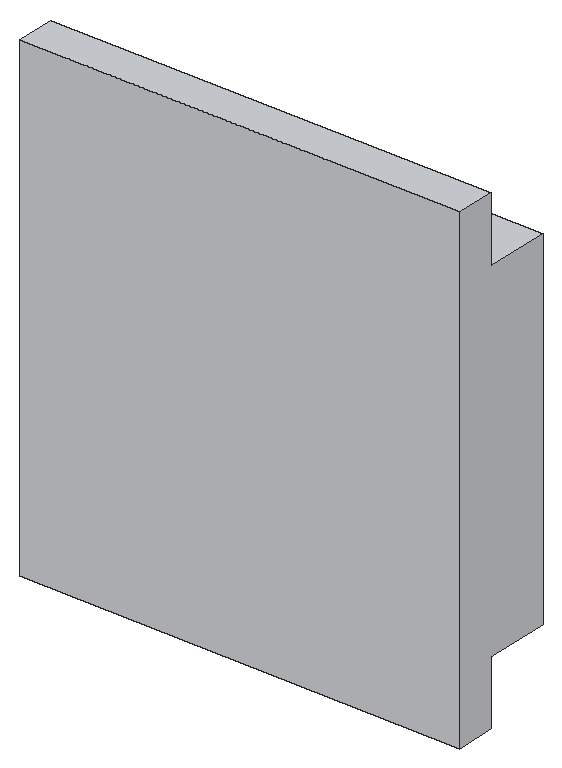
Revit family "Power-ModularDevices-GEWISS-90AM-SWITCH_DISCONNECTOR_DC", category Apparecchi elettrici, host Muro, Revit 2016
Family settings
  Host = Muro
  Mantenere orientamento annotazione = Sì
  Tipo di parte = Normale
  Quota connettore circolare = Usa diametro
  Numero OmniClass = 23.80.50.00
  Titolo OmniClass = Terminals for Power Supply
  Sempre verticale = Sì
  Taglio con vuoti quando caricato = No
  Condiviso = No
  Punto di calcolo locali = Sì
Parameters (values of type "GW96187 - SWITCH DISCONNECTOR ROT 4P 32A 1000V DC")
  sIMBOLO IN PIANTA = yes
  dIST X [instance] = 237.316 mm
  Version file RFA = "18.0"
  URL = "https://www.gewiss.com/ww/en"
  Type: = "Direct current"
  Type = "Direct current"
  Technical sheet = "https://www.gewiss.com/ww/en/search?q=GW96187"
  TIPO = GENERICO - 90AM SEZIONATORI DC : 4P
  SEO = "Disconnector"
  Realized by GEWISS S.p.A. = ""
  Rated voltage DC = "1000V"
  Rated voltage = "1000Vdc"
  Rated current: = "32A"
  Rated current (In) = "32A"
  Produttore = "GEWISS S.p.A."
  Number of poles = "4P"
  No. of poles = "4P"
  No. of modules EN 50022 = "3,5"
  No. Chorus modules = "3,5"
  Modello = "GW96187"
  Immagine tipo = GW96187.jpg
  IFC.TypeObject = ""
  IFC.ExportType = ""
  IFC.ExportAs = ""
  IDT = "6c44909a-48af-40ca-be23-f546f73f6b37"
  IDF = "2d91bf4f-f6dc-4237-b79b-5006d058144e"
  Electrocod = "1422"
  EAN code = "8011564775480"
  Descrizione = "SWITCH DISCONNECTOR ROT 4P 32A 1000V DC"
  Catalogue Range = "90 AM"
  Catalogue = "POWER"
  COBie.Tagnumber = ""
  COBie.CreatedOn = ""
  COBie.CreatebBy = ""
  COBie.ComponentRegisterItemID = ""
  COBie.Component.TagNumber = ""
  COBie.Component.Space = ""
  COBie.Component.SerialNumber = ""
  COBie.Component.InstallationDate = ""
  COBie.Component.Description = ""
  COBie.Component.BarCode = ""
Types (2, lengths in mm): name | Technical sheet | TIPO | Rated voltage DC | Rated voltage | Rated current: | Rated current (In) | Number of poles | No. of poles | Modello | Immagine tipo | IDT | EAN code | Descrizione
  GW96187 - SWITCH DISCONNECTOR ROT 4P 32A 1000V DC | "https://www.gewiss.com/ww/en/search?q=GW96187" | GENERICO - 90AM SEZIONATORI DC : 4P | "1000V" | "1000Vdc" | "32A" | "32A" | "4P" | "4P" | "GW96187" | GW96187.jpg | "6c44909a-48af-40ca-be23-f546f73f6b37" | "8011564775480" | "SWITCH DISCONNECTOR ROT 4P 32A 1000V DC"
  GW96186 - SWITCH DISCONNECTOR ROT 2P 25A 600V DC | "https://www.gewiss.com/ww/en/search?q=GW96186" | GENERICO - 90AM SEZIONATORI DC : 2P | "600V" | "600Vdc" | "25A" | "25A" | "2P" | "2P" | "GW96186" | GW96186.jpg | "4e382582-c695-4848-8119-078daf9109a0" | "8011564775473" | "SWITCH DISCONNECTOR ROT 2P 25A 600V DC"
Reference planes
  plane 1 "Muro": y = 0
  plane 2 "Centro (Sinistra/Destra)": x = 125
  plane 3 "Indietro": y = 75
Text (mm)
  text "Lato posizionamento" at (-1848.837, 1116.779, 0), in view "Livello rif."
  text "Lato posizionamento" at (0, 1409.804, 2854.306), in view "Sinistra"
  text "Lato posizionamento" at (0, 499.811, 2980.732), in view "Destra"
Dimensions and locks
  locked: plane 3 "Indietro" to host wall
  aligned and locked: plane 1 "Muro" to host wall
  aligned and locked: nested 1 to plane 2 "Centro (Sinistra/Destra)"
Nested families
  nested 1: "GENERICO - 90AM SEZIONATORI DC" at (125, 75, 400) x (-1, 0, 0) z (0, 1, 0), type <- "TIPO", type "4P"
  nested 2: "SALV DC" at (125, 146.214, 0), visible <- "sIMBOLO IN PIANTA", type "SALV DC"
Definition of nested family "GENERICO - 90AM SEZIONATORI DC"
  Parameters (values of type "2P")
    h_barra din = if(Altezza barre = 1 mm, 69.9 mm, if(Altezza barre = 2 mm, 115.8 mm, 0 mm))  # 0 mm
    Default Elevation = 1219.2 mm
    H = if(AB_O = 1, AB_V, if(AB_O = 2, AB_H, 50.8 mm))  # 50.8 mm
    Dist barra din = 15 mm
    C = 59 mm
    B = 20 mm
    Altezza barre = 5 mm  # constant formula
    AB_V = 3 mm  # constant formula
    AB_H = 5 mm  # constant formula
    AB_O = 0  # constant formula
    A = 54 mm
    4P = no
    2P = yes
  Types (2, lengths in mm): name | 4P | 2P
    2P | no | yes
    4P | yes | no
  Reference planes
    plane 1 "Centro (Fronte/Retro)": y = 0
    plane 2: z = 0
    plane 3 "Centro (Sinistra/Destra)": x = 0
    plane 4 "INCASSO": z = 4.766
    plane 5 "APPOGGIO": z = 12.732
    plane 6 "SUPPORTO": z = 17.65
    plane 7: z = 20
  Forms (mm)
    Extrusion 1, solid
      sketch origin (0, 32.932, 0) x (0, 0, 1) y (1, 0, 0)
        loop
          line (0, -27) -> (12.732, -27) -> (12.732, 27) -> (0, 27) -> (0, -27)
      from -51 to -8
    Extrusion 2, solid
      sketch origin (0, -26.068, 0) x (1, 0, 0) y (0, 1, 0)
        loop
          line (-27, 51) -> (27, 51) -> (27, 59) -> (-27, 59) -> (-27, 51)
        loop
          line (-27, 8) -> (-27, 0) -> (27, 0) -> (27, 8) -> (-27, 8)
      from 0 to 4.766
    Extrusion 3, solid
      sketch origin (0, -26.068, 0) x (1, 0, 0) y (0, 1, 0)
        loop
          circle (0, 29.5) r 15
      from 12.732 to 17.65
    Extrusion 4, solid
      sketch origin (0, -26.068, 0) x (1, 0, 0) y (0, 1, 0)
        loop
          line (-5.106, 40.811) -> (-5.106, 9.937) -> (-4.106, 8.937) -> (3.121, 8.937) -> (4.121, 9.937) -> (4.121, 40.811) -> (3.121, 41.811) -> (-4.106, 41.811) -> (-5.106, 40.811)
      from 17.65 to 20
  Cuts and joins
    joined: Extrusion 1, Extrusion 2, Extrusion 3, Extrusion 4
  Lines and regions (mm)
    model lines, not visible, detail levels medium+fine
      curve 1: line (105.496, 35.582, 12.732) -> (51.496, 35.582, 12.732)
      curve 87: line (78.463, 74.627, 12.732) -> (78.208, 74.732, 12.732)
      curve 88: line (78.208, 74.732, 12.732) -> (77.926, 75.04, 12.732)
      curve 89: line (77.926, 75.04, 12.732) -> (77.798, 75.54, 12.732)
      curve 90: line (77.798, 75.54, 12.732) -> (77.798, 76.014, 12.732)
      curve 91: line (77.798, 76.014, 12.732) -> (77.823, 76.475, 12.732)
      curve 92: line (77.823, 76.475, 12.732) -> (77.926, 76.834, 12.732)
      curve 93: line (77.926, 76.834, 12.732) -> (78.182, 77.078, 12.732)
      curve 94: line (78.182, 77.078, 12.732) -> (78.426, 77.182, 12.732)
      curve 95: line (78.426, 77.182, 12.732) -> (78.657, 77.182, 12.732)
      curve 96: line (78.657, 77.182, 12.732) -> (78.9, 77.078, 12.732)
      curve 97: line (78.9, 77.078, 12.732) -> (79.157, 76.834, 12.732)
      curve 98: line (79.157, 76.834, 12.732) -> (79.259, 76.475, 12.732)
      curve 99: line (79.259, 76.475, 12.732) -> (79.285, 76.014, 12.732)
      curve 100: line (79.285, 76.014, 12.732) -> (79.285, 75.54, 12.732)
      curve 101: line (79.285, 75.54, 12.732) -> (79.157, 75.04, 12.732)
      curve 102: line (79.157, 75.04, 12.732) -> (78.875, 74.732, 12.732)
      curve 103: line (78.875, 74.732, 12.732) -> (78.62, 74.627, 12.732)
      curve 104: line (96.077, 58.76, 12.732) -> (96.347, 58.978, 12.732)
      curve 105: line (96.347, 58.978, 12.732) -> (96.552, 59.249, 12.732)
      curve 106: line (96.552, 59.249, 12.732) -> (96.552, 56.694, 12.732)
      curve 107: line (59.941, 58.608, 12.732) -> (60.052, 58.89, 12.732)
      curve 108: line (60.052, 58.89, 12.732) -> (60.266, 59.104, 12.732)
      curve 109: line (60.266, 59.104, 12.732) -> (60.505, 59.213, 12.732)
      curve 110: line (60.505, 59.213, 12.732) -> (60.71, 59.213, 12.732)
      curve 111: line (60.71, 59.213, 12.732) -> (60.994, 59.165, 12.732)
      curve 112: line (60.994, 59.165, 12.732) -> (61.172, 58.941, 12.732)
      curve 113: line (61.172, 58.941, 12.732) -> (61.275, 58.582, 12.732)
      curve 114: line (61.275, 58.582, 12.732) -> (61.189, 58.309, 12.732)
      curve 115: line (61.189, 58.309, 12.732) -> (60.973, 58.137, 12.732)
      curve 116: line (60.973, 58.137, 12.732) -> (60.77, 58.027, 12.732)
      curve 117: line (60.77, 58.027, 12.732) -> (60.548, 58.027, 12.732)
      curve 118: line (60.77, 58.027, 12.732) -> (61.071, 57.933, 12.732)
      curve 119: line (61.071, 57.933, 12.732) -> (61.275, 57.736, 12.732)
      curve 120: line (61.275, 57.736, 12.732) -> (61.388, 57.485, 12.732)
      curve 121: line (61.388, 57.485, 12.732) -> (61.369, 57.147, 12.732)
      curve 122: line (61.369, 57.147, 12.732) -> (61.24, 56.89, 12.732)
      curve 123: line (61.24, 56.89, 12.732) -> (61.076, 56.721, 12.732)
      curve 124: line (61.076, 56.721, 12.732) -> (60.856, 56.658, 12.732)
      curve 125: line (60.856, 56.658, 12.732) -> (60.582, 56.658, 12.732)
      curve 126: line (60.582, 56.658, 12.732) -> (60.343, 56.711, 12.732)
      curve 127: line (60.343, 56.711, 12.732) -> (60.129, 56.847, 12.732)
      curve 128: line (60.129, 56.847, 12.732) -> (59.975, 57.027, 12.732)
      curve 129: line (59.975, 57.027, 12.732) -> (59.89, 57.275, 12.732)
      curve 130: line (78.011, 41.296, 12.732) -> (78.074, 41.587, 12.732)
      curve 131: line (78.074, 41.587, 12.732) -> (78.273, 41.849, 12.732)
      curve 132: line (78.273, 41.849, 12.732) -> (78.535, 41.963, 12.732)
      curve 133: line (78.535, 41.963, 12.732) -> (78.803, 41.999, 12.732)
      curve 134: line (78.803, 41.999, 12.732) -> (79.156, 41.968, 12.732)
      curve 135: line (79.156, 41.968, 12.732) -> (79.373, 41.758, 12.732)
      curve 136: line (79.373, 41.758, 12.732) -> (79.464, 41.444, 12.732)
      curve 137: line (79.464, 41.444, 12.732) -> (79.424, 41.097, 12.732)
      curve 138: line (79.424, 41.097, 12.732) -> (79.236, 40.772, 12.732)
      curve 139: line (79.236, 40.772, 12.732) -> (78.187, 39.866, 12.732)
      curve 140: line (78.187, 39.866, 12.732) -> (78.028, 39.632, 12.732)
      curve 141: line (78.028, 39.632, 12.732) -> (77.96, 39.445, 12.732)
      curve 142: line (77.96, 39.445, 12.732) -> (79.618, 39.445, 12.732)
    model lines, not visible, detail levels fine
      curve 2: line (56.323, 40.454, 12.732) -> (56.323, 38.259, 12.732)
      curve 3: line (56.323, 38.259, 12.732) -> (55.588, 38.259, 12.732)
      curve 4: line (55.588, 38.259, 12.732) -> (55.161, 38.313, 12.732)
      curve 5: line (55.161, 38.313, 12.732) -> (54.64, 38.544, 12.732)
      curve 6: line (54.64, 38.544, 12.732) -> (54.225, 38.928, 12.732)
      curve 7: line (54.225, 38.928, 12.732) -> (53.951, 39.446, 12.732)
      curve 8: line (53.951, 39.446, 12.732) -> (53.866, 39.998, 12.732)
      curve 9: line (53.866, 39.998, 12.732) -> (53.948, 40.507, 12.732)
      curve 10: line (53.948, 40.507, 12.732) -> (54.168, 40.956, 12.732)
      curve 11: line (54.168, 40.956, 12.732) -> (54.564, 41.365, 12.732)
      curve 12: line (54.564, 41.365, 12.732) -> (55.042, 41.614, 12.732)
      curve 13: line (55.042, 41.614, 12.732) -> (55.58, 41.703, 12.732)
      curve 14: line (55.58, 41.703, 12.732) -> (56.323, 41.703, 12.732)
      curve 15: line (56.323, 41.703, 12.732) -> (56.323, 40.757, 12.732)
      curve 16: line (56.323, 40.757, 12.732) -> (55.074, 40.757, 12.732)
      curve 17: line (55.074, 40.757, 12.732) -> (55.074, 39.205, 12.732)
      curve 18: line (55.074, 39.205, 12.732) -> (55.378, 39.205, 12.732)
      curve 19: line (55.378, 39.205, 12.732) -> (55.378, 40.454, 12.732)
      curve 20: line (55.378, 40.454, 12.732) -> (56.323, 40.454, 12.732)
      curve 21: line (59.294, 38.259, 12.732) -> (56.626, 38.259, 12.732)
      curve 22: line (56.626, 38.259, 12.732) -> (56.626, 41.703, 12.732)
      curve 23: line (56.626, 41.703, 12.732) -> (58.045, 41.703, 12.732)
      curve 24: line (58.045, 41.703, 12.732) -> (58.045, 40.757, 12.732)
      curve 25: line (58.045, 40.757, 12.732) -> (57.571, 40.757, 12.732)
      curve 26: line (57.571, 40.757, 12.732) -> (57.571, 40.454, 12.732)
      curve 27: line (57.571, 40.454, 12.732) -> (59.294, 40.454, 12.732)
      curve 28: line (59.294, 40.454, 12.732) -> (59.294, 39.508, 12.732)
      curve 29: line (59.294, 39.508, 12.732) -> (57.572, 39.508, 12.732)
      curve 30: line (57.572, 39.508, 12.732) -> (57.572, 39.205, 12.732)
      curve 31: line (57.572, 39.205, 12.732) -> (59.294, 39.205, 12.732)
      curve 32: line (59.294, 39.205, 12.732) -> (59.294, 38.259, 12.732)
      curve 33: line (64.119, 38.259, 12.732) -> (64.119, 40.454, 12.732)
      curve 34: line (64.119, 40.454, 12.732) -> (63.173, 40.454, 12.732)
      curve 35: line (63.173, 40.454, 12.732) -> (63.173, 38.259, 12.732)
      curve 36: line (63.173, 38.259, 12.732) -> (64.119, 38.259, 12.732)
      curve 37: line (60.949, 38.259, 12.732) -> (61.233, 39.678, 12.732)
      curve 38: line (61.233, 39.678, 12.732) -> (61.517, 38.259, 12.732)
      curve 39: line (61.517, 38.259, 12.732) -> (62.463, 38.259, 12.732)
      curve 40: line (62.463, 38.259, 12.732) -> (63.05, 40.757, 12.732)
      curve 41: line (63.05, 40.757, 12.732) -> (64.119, 40.757, 12.732)
      curve 42: line (64.119, 40.757, 12.732) -> (64.119, 41.703, 12.732)
      curve 43: line (64.119, 41.703, 12.732) -> (62.302, 41.703, 12.732)
      curve 44: line (62.302, 41.703, 12.732) -> (61.962, 40.246, 12.732)
      curve 45: line (61.962, 40.246, 12.732) -> (61.725, 41.703, 12.732)
      curve 46: line (61.725, 41.703, 12.732) -> (60.741, 41.703, 12.732)
      curve 47: line (60.741, 41.703, 12.732) -> (60.505, 40.246, 12.732)
      curve 48: line (60.505, 40.246, 12.732) -> (60.164, 41.703, 12.732)
      curve 49: line (60.164, 41.703, 12.732) -> (58.348, 41.703, 12.732)
      curve 50: line (58.348, 41.703, 12.732) -> (58.348, 40.757, 12.732)
      curve 51: line (58.348, 40.757, 12.732) -> (59.417, 40.757, 12.732)
      curve 52: line (59.417, 40.757, 12.732) -> (60.002, 38.259, 12.732)
      curve 53: line (60.002, 38.259, 12.732) -> (60.949, 38.259, 12.732)
      curve 54: line (67.089, 41.703, 12.732) -> (64.421, 41.703, 12.732)
      curve 55: line (64.421, 41.703, 12.732) -> (64.421, 39.508, 12.732)
      curve 56: line (64.421, 39.508, 12.732) -> (66.143, 39.508, 12.732)
      curve 57: line (66.143, 39.508, 12.732) -> (66.143, 39.205, 12.732)
      curve 58: line (66.143, 39.205, 12.732) -> (64.421, 39.205, 12.732)
      curve 59: line (64.421, 39.205, 12.732) -> (64.421, 38.259, 12.732)
      curve 60: line (64.421, 38.259, 12.732) -> (67.089, 38.259, 12.732)
      curve 61: line (67.089, 38.259, 12.732) -> (67.089, 40.454, 12.732)
      curve 62: line (67.089, 40.454, 12.732) -> (65.367, 40.454, 12.732)
      curve 63: line (65.367, 40.454, 12.732) -> (65.367, 40.757, 12.732)
      curve 64: line (65.367, 40.757, 12.732) -> (67.089, 40.757, 12.732)
      curve 65: line (67.089, 40.757, 12.732) -> (67.089, 41.703, 12.732)
      curve 66: line (67.392, 41.703, 12.732) -> (67.392, 39.508, 12.732)
      curve 67: line (67.392, 39.508, 12.732) -> (68.998, 39.508, 12.732)
      curve 68: line (68.998, 39.508, 12.732) -> (68.998, 39.205, 12.732)
      curve 69: line (68.998, 39.205, 12.732) -> (67.392, 39.205, 12.732)
      curve 70: line (67.392, 39.205, 12.732) -> (67.392, 38.259, 12.732)
      curve 71: line (67.392, 38.259, 12.732) -> (68.338, 38.259, 12.732)
      curve 72: line (68.338, 38.259, 12.732) -> (68.885, 38.435, 12.732)
      curve 73: line (68.885, 38.435, 12.732) -> (69.237, 38.664, 12.732)
      curve 74: line (69.237, 38.664, 12.732) -> (69.641, 39.16, 12.732)
      curve 75: line (69.641, 39.16, 12.732) -> (69.829, 39.716, 12.732)
      curve 76: line (69.829, 39.716, 12.732) -> (69.834, 40.209, 12.732)
      curve 77: line (69.834, 40.209, 12.732) -> (69.783, 40.454, 12.732)
      curve 78: line (69.783, 40.454, 12.732) -> (68.338, 40.454, 12.732)
      curve 79: line (68.338, 40.454, 12.732) -> (68.338, 40.757, 12.732)
      curve 80: line (68.338, 40.757, 12.732) -> (69.654, 40.757, 12.732)
      curve 81: line (69.654, 40.757, 12.732) -> (69.483, 41.043, 12.732)
      curve 82: line (69.483, 41.043, 12.732) -> (69.237, 41.298, 12.732)
      curve 83: line (69.237, 41.298, 12.732) -> (68.895, 41.522, 12.732)
      curve 84: line (68.895, 41.522, 12.732) -> (68.537, 41.653, 12.732)
      curve 85: line (68.537, 41.653, 12.732) -> (68.135, 41.703, 12.732)
      curve 86: line (68.135, 41.703, 12.732) -> (67.392, 41.703, 12.732)
    model lines, detail levels medium+fine
      curve 143: line (-23.324, 5.879, 12.732) -> (-23.827, 5.764, 12.732)
      curve 144: line (-23.827, 5.764, 12.732) -> (-24.359, 5.319, 12.732)
      curve 145: line (-24.359, 5.319, 12.732) -> (-24.546, 4.759, 12.732)
      curve 146: line (-24.546, 4.759, 12.732) -> (-24.603, 4.127, 12.732)
      curve 147: line (-24.603, 4.127, 12.732) -> (-24.388, 3.638, 12.732)
      curve 148: line (-24.388, 3.638, 12.732) -> (-23.957, 3.164, 12.732)
      curve 149: line (-23.957, 3.164, 12.732) -> (-23.526, 3.078, 12.732)
      curve 150: line (-23.526, 3.078, 12.732) -> (-23.253, 3.019, 12.732)
      curve 151: line (-23.253, 3.019, 12.732) -> (-22.836, 3.092, 12.732)
      curve 152: line (-22.836, 3.092, 12.732) -> (-22.419, 3.265, 12.732)
      curve 153: line (-22.419, 3.265, 12.732) -> (-22.046, 3.652, 12.732)
      curve 154: line (-22.046, 3.652, 12.732) -> (-21.917, 4.428, 12.732)
      curve 155: line (-21.917, 4.428, 12.732) -> (-22.118, 5.147, 12.732)
      curve 156: line (-22.118, 5.147, 12.732) -> (-22.649, 5.692, 12.732)
      curve 157: line (-22.649, 5.692, 12.732) -> (-23.324, 5.879, 12.732)
      curve 158: line (-19.204, 5.879, 12.732) -> (-21.228, 5.879, 12.732)
      curve 159: line (-21.228, 5.879, 12.732) -> (-21.228, 3.019, 12.732)
      curve 160: line (-21.228, 4.53, 12.732) -> (-19.635, 4.53, 12.732)
      curve 161: line (0.371, 19.352, 12.732) -> (0.371, 22.213, 12.732)
      curve 162: line (0.371, 22.213, 12.732) -> (2.426, 19.352, 12.732)
      curve 163: line (2.426, 19.352, 12.732) -> (2.426, 22.213, 12.732)
      curve 164: line (-16.474, 5.879, 12.732) -> (-18.498, 5.879, 12.732)
      curve 165: line (-18.498, 5.879, 12.732) -> (-18.498, 3.019, 12.732)
      curve 166: line (-18.498, 4.53, 12.732) -> (-16.905, 4.53, 12.732)
      curve 167: line (-1.642, 22.213, 12.732) -> (-2.144, 22.098, 12.732)
      curve 168: line (-2.144, 22.098, 12.732) -> (-2.676, 21.653, 12.732)
      curve 169: line (-2.676, 21.653, 12.732) -> (-2.863, 21.092, 12.732)
      curve 170: line (-2.863, 21.092, 12.732) -> (-2.92, 20.46, 12.732)
      curve 171: line (-2.92, 20.46, 12.732) -> (-2.705, 19.972, 12.732)
      curve 172: line (-2.705, 19.972, 12.732) -> (-2.274, 19.498, 12.732)
      curve 173: line (-2.274, 19.498, 12.732) -> (-1.843, 19.411, 12.732)
      curve 174: line (-1.843, 19.411, 12.732) -> (-1.57, 19.352, 12.732)
      curve 175: line (-1.57, 19.352, 12.732) -> (-1.153, 19.426, 12.732)
      curve 176: line (-1.153, 19.426, 12.732) -> (-0.736, 19.598, 12.732)
      curve 177: line (-0.736, 19.598, 12.732) -> (-0.363, 19.986, 12.732)
      curve 178: line (-0.363, 19.986, 12.732) -> (-0.234, 20.762, 12.732)
      curve 179: line (-0.234, 20.762, 12.732) -> (-0.435, 21.48, 12.732)
      curve 180: line (-0.435, 21.48, 12.732) -> (-0.966, 22.026, 12.732)
      curve 181: line (-0.966, 22.026, 12.732) -> (-1.642, 22.213, 12.732)
    model lines, detail levels fine
      curve 182: line (-22.135, -13.753, 12.732) -> (-22.135, -15.947, 12.732)
      curve 183: line (-22.135, -15.947, 12.732) -> (-22.87, -15.947, 12.732)
      curve 184: line (-22.87, -15.947, 12.732) -> (-23.296, -15.894, 12.732)
      curve 185: line (-23.296, -15.894, 12.732) -> (-23.818, -15.663, 12.732)
      curve 186: line (-23.818, -15.663, 12.732) -> (-24.232, -15.278, 12.732)
      curve 187: line (-24.232, -15.278, 12.732) -> (-24.507, -14.76, 12.732)
      curve 188: line (-24.507, -14.76, 12.732) -> (-24.592, -14.208, 12.732)
      curve 189: line (-24.592, -14.208, 12.732) -> (-24.509, -13.699, 12.732)
      curve 190: line (-24.509, -13.699, 12.732) -> (-24.289, -13.251, 12.732)
      curve 191: line (-24.289, -13.251, 12.732) -> (-23.894, -12.841, 12.732)
      curve 192: line (-23.894, -12.841, 12.732) -> (-23.415, -12.592, 12.732)
      curve 193: line (-23.415, -12.592, 12.732) -> (-22.877, -12.504, 12.732)
      curve 194: line (-22.877, -12.504, 12.732) -> (-22.135, -12.504, 12.732)
      curve 195: line (-22.135, -12.504, 12.732) -> (-22.135, -13.45, 12.732)
      curve 196: line (-22.135, -13.45, 12.732) -> (-23.384, -13.45, 12.732)
      curve 197: line (-23.384, -13.45, 12.732) -> (-23.384, -15.001, 12.732)
      curve 198: line (-23.384, -15.001, 12.732) -> (-23.079, -15.001, 12.732)
      curve 199: line (-23.079, -15.001, 12.732) -> (-23.079, -13.753, 12.732)
      curve 200: line (-23.079, -13.753, 12.732) -> (-22.135, -13.753, 12.732)
      curve 201: line (-19.164, -15.947, 12.732) -> (-21.832, -15.947, 12.732)
      curve 202: line (-21.832, -15.947, 12.732) -> (-21.832, -12.504, 12.732)
      curve 203: line (-21.832, -12.504, 12.732) -> (-20.413, -12.504, 12.732)
      curve 204: line (-20.413, -12.504, 12.732) -> (-20.413, -13.45, 12.732)
      curve 205: line (-20.413, -13.45, 12.732) -> (-20.886, -13.45, 12.732)
      curve 206: line (-20.886, -13.45, 12.732) -> (-20.886, -13.752, 12.732)
      curve 207: line (-20.886, -13.752, 12.732) -> (-19.164, -13.752, 12.732)
      curve 208: line (-19.164, -13.752, 12.732) -> (-19.164, -14.699, 12.732)
      curve 209: line (-19.164, -14.699, 12.732) -> (-20.886, -14.699, 12.732)
      curve 210: line (-20.886, -14.699, 12.732) -> (-20.886, -15.001, 12.732)
      curve 211: line (-20.886, -15.001, 12.732) -> (-19.164, -15.001, 12.732)
      curve 212: line (-19.164, -15.001, 12.732) -> (-19.164, -15.947, 12.732)
      curve 213: line (-14.339, -15.947, 12.732) -> (-14.339, -13.752, 12.732)
      curve 214: line (-14.339, -13.752, 12.732) -> (-15.285, -13.752, 12.732)
      curve 215: line (-15.285, -13.752, 12.732) -> (-15.285, -15.947, 12.732)
      curve 216: line (-15.285, -15.947, 12.732) -> (-14.339, -15.947, 12.732)
      curve 217: line (-17.508, -15.947, 12.732) -> (-17.224, -14.528, 12.732)
      curve 218: line (-17.224, -14.528, 12.732) -> (-16.941, -15.947, 12.732)
      curve 219: line (-16.941, -15.947, 12.732) -> (-15.995, -15.947, 12.732)
      curve 220: line (-15.995, -15.947, 12.732) -> (-15.408, -13.45, 12.732)
      curve 221: line (-15.408, -13.45, 12.732) -> (-14.339, -13.45, 12.732)
      curve 222: line (-14.339, -13.45, 12.732) -> (-14.339, -12.504, 12.732)
      curve 223: line (-14.339, -12.504, 12.732) -> (-16.155, -12.504, 12.732)
      curve 224: line (-16.155, -12.504, 12.732) -> (-16.496, -13.961, 12.732)
      curve 225: line (-16.496, -13.961, 12.732) -> (-16.732, -12.504, 12.732)
      curve 226: line (-16.732, -12.504, 12.732) -> (-17.716, -12.504, 12.732)
      curve 227: line (-17.716, -12.504, 12.732) -> (-17.953, -13.961, 12.732)
      curve 228: line (-17.953, -13.961, 12.732) -> (-18.294, -12.504, 12.732)
      curve 229: line (-18.294, -12.504, 12.732) -> (-20.11, -12.504, 12.732)
      curve 230: line (-20.11, -12.504, 12.732) -> (-20.11, -13.45, 12.732)
      curve 231: line (-20.11, -13.45, 12.732) -> (-19.041, -13.45, 12.732)
      curve 232: line (-19.041, -13.45, 12.732) -> (-18.456, -15.947, 12.732)
      curve 233: line (-18.456, -15.947, 12.732) -> (-17.508, -15.947, 12.732)
      curve 234: line (-11.368, -12.504, 12.732) -> (-14.036, -12.504, 12.732)
      curve 235: line (-14.036, -12.504, 12.732) -> (-14.036, -14.699, 12.732)
      curve 236: line (-14.036, -14.699, 12.732) -> (-12.314, -14.699, 12.732)
      curve 237: line (-12.314, -14.699, 12.732) -> (-12.314, -15.001, 12.732)
      curve 238: line (-12.314, -15.001, 12.732) -> (-14.036, -15.001, 12.732)
      curve 239: line (-14.036, -15.001, 12.732) -> (-14.036, -15.947, 12.732)
      curve 240: line (-14.036, -15.947, 12.732) -> (-11.368, -15.947, 12.732)
      curve 241: line (-11.368, -15.947, 12.732) -> (-11.368, -13.752, 12.732)
      curve 242: line (-11.368, -13.752, 12.732) -> (-13.09, -13.752, 12.732)
      curve 243: line (-13.09, -13.752, 12.732) -> (-13.09, -13.45, 12.732)
      curve 244: line (-13.09, -13.45, 12.732) -> (-11.368, -13.45, 12.732)
      curve 245: line (-11.368, -13.45, 12.732) -> (-11.368, -12.504, 12.732)
      curve 246: line (-11.065, -12.504, 12.732) -> (-11.065, -14.699, 12.732)
      curve 247: line (-11.065, -14.699, 12.732) -> (-9.46, -14.699, 12.732)
      curve 248: line (-9.46, -14.699, 12.732) -> (-9.46, -15.001, 12.732)
      curve 249: line (-9.46, -15.001, 12.732) -> (-11.065, -15.001, 12.732)
      curve 250: line (-11.065, -15.001, 12.732) -> (-11.065, -15.947, 12.732)
      curve 251: line (-11.065, -15.947, 12.732) -> (-10.119, -15.947, 12.732)
      curve 252: line (-10.119, -15.947, 12.732) -> (-9.573, -15.772, 12.732)
      curve 253: line (-9.573, -15.772, 12.732) -> (-9.22, -15.542, 12.732)
      curve 254: line (-9.22, -15.542, 12.732) -> (-8.817, -15.047, 12.732)
      curve 255: line (-8.817, -15.047, 12.732) -> (-8.629, -14.491, 12.732)
      curve 256: line (-8.629, -14.491, 12.732) -> (-8.623, -13.998, 12.732)
      curve 257: line (-8.623, -13.998, 12.732) -> (-8.675, -13.752, 12.732)
      curve 258: line (-8.675, -13.752, 12.732) -> (-10.119, -13.752, 12.732)
      curve 259: line (-10.119, -13.752, 12.732) -> (-10.119, -13.45, 12.732)
      curve 260: line (-10.119, -13.45, 12.732) -> (-8.804, -13.45, 12.732)
      curve 261: line (-8.804, -13.45, 12.732) -> (-8.975, -13.164, 12.732)
      curve 262: line (-8.975, -13.164, 12.732) -> (-9.221, -12.909, 12.732)
      curve 263: line (-9.221, -12.909, 12.732) -> (-9.563, -12.684, 12.732)
      curve 264: line (-9.563, -12.684, 12.732) -> (-9.921, -12.553, 12.732)
      curve 265: line (-9.921, -12.553, 12.732) -> (-10.323, -12.504, 12.732)
      curve 266: line (-10.323, -12.504, 12.732) -> (-11.065, -12.504, 12.732)
    model lines, visible <- "2P"
      curve 267: circle (-19.829, 28.761, 4.766) r 3.19 normal (0, 0, 1)
      curve 268: circle (6.849, 28.839, 4.766) r 3.19 normal (0, 0, 1)
      curve 269: circle (-6.365, -22.083, 4.766) r 3.19 normal (0, 0, 1)
      curve 270: circle (18.204, -22.083, 4.766) r 3.19 normal (0, 0, 1)
    model lines, visible <- "4P"
      curve 271: circle (-19.761, 28.802, 4.766) r 3.19 normal (0, 0, 1)
      curve 272: circle (-6.469, 28.802, 4.766) r 3.19 normal (0, 0, 1)
      curve 273: circle (6.823, 28.802, 4.766) r 3.19 normal (0, 0, 1)
      curve 274: circle (20.115, 28.802, 4.766) r 3.19 normal (0, 0, 1)
      curve 275: circle (-18.982, -22.029, 4.766) r 3.19 normal (0, 0, -1)
      curve 276: circle (-6.315, -22.029, 4.766) r 3.19 normal (0, 0, -1)
      curve 277: circle (6.352, -22.029, 4.766) r 3.19 normal (0, 0, -1)
      curve 278: circle (18.237, -22.029, 4.766) r 3.19 normal (0, 0, -1)
  Text (mm)
    text "AB_O" at (-6.002, 0, 66.834), in view "Anteriore"
  Dimensions and locks
    locked: plane 4 "INCASSO" to level at 4.766
    locked: plane 6 "SUPPORTO" to plane 5 "APPOGGIO" at 4.917
    locked: plane 7 to plane 6 "SUPPORTO" at 2.35
    "B": plane 7 to level
    aligned and locked: level to plane 2
    aligned and locked: cut or joined group of Extrusion 1, Extrusion 2, Extrusion 3, Extrusion 4 to level
    aligned and locked: level to cut or joined group of Extrusion 1, Extrusion 2, Extrusion 3, Extrusion 4  (x2)
    aligned and locked: Extrusion 2 to level
    aligned and locked: plane 4 "INCASSO" to cut or joined group of Extrusion 1, Extrusion 2, Extrusion 3, Extrusion 4
    aligned and locked: Extrusion 3 to Extrusion 1
    aligned and locked: cut or joined group of Extrusion 1, Extrusion 2, Extrusion 3, Extrusion 4 to plane 5 "APPOGGIO"
    aligned and locked: cut or joined group of Extrusion 1, Extrusion 2, Extrusion 3, Extrusion 4 to plane 6 "SUPPORTO"
    aligned and locked: cut or joined group of Extrusion 1, Extrusion 2, Extrusion 3, Extrusion 4 to plane 7
  Automatic sketch dimensions
    Extrusion 2 sketch curve to plane 3 "Centro (Sinistra/Destra)" = 27 mm  (x2)
    plane 3 "Centro (Sinistra/Destra)" to Extrusion 2 sketch curve = 27 mm  (x2)
    plane 1 "Centro (Fronte/Retro)" to Extrusion 2 sketch curve = 26.068 mm
    Extrusion 2 sketch curve to Extrusion 2 sketch curve = 8 mm  (x2)
    Extrusion 2 sketch curve to plane 1 "Centro (Fronte/Retro)" = 24.932 mm
    Extrusion 3 sketch curve to plane 3 "Centro (Sinistra/Destra)" = 0 mm
    Extrusion 3 sketch curve to plane 1 "Centro (Fronte/Retro)" = 3.432 mm
    Extrusion 4 sketch curve to plane 3 "Centro (Sinistra/Destra)" = 5.106 mm
    Extrusion 4 sketch curve to Extrusion 4 sketch curve = 1 mm  (x6)
    plane 3 "Centro (Sinistra/Destra)" to Extrusion 4 sketch curve = 3.121 mm  (x2)
    plane 1 "Centro (Fronte/Retro)" to Extrusion 4 sketch curve = 17.131 mm
    Extrusion 4 sketch curve to plane 1 "Centro (Fronte/Retro)" = 14.743 mm
    Extrusion 4 sketch curve to Extrusion 4 sketch curve = 0 mm
    Extrusion 1 sketch curve to level = 0 mm
    Extrusion 1 sketch curve to plane 5 "APPOGGIO" = 0 mm
    Extrusion 1 sketch curve to plane 3 "Centro (Sinistra/Destra)" = 27 mm
    plane 3 "Centro (Sinistra/Destra)" to Extrusion 1 sketch curve = 27 mm
    curve 267 to plane 1 "Centro (Fronte/Retro)" = 28.761 mm
    curve 268 to curve 267 = 0.078 mm
    curve 268 to curve 273 = 0.036 mm
    curve 271 to curve 267 = 0.042 mm
    curve 272 to curve 267 = 0.042 mm
    curve 273 to curve 274 = 0 mm
    curve 277 to curve 276 = 0 mm
    curve 277 to curve 278 = 0 mm
    curve 276 to curve 269 = 0.054 mm
    curve 278 to curve 270 = 0.054 mm
    curve 272 to plane 3 "Centro (Sinistra/Destra)" = 6.469 mm
    curve 267 to curve 272 = 13.36 mm
    curve 275 to curve 269 = 12.617 mm
    curve 267 to curve 271 = 0.068 mm
    curve 269 to curve 276 = 0.05 mm
    curve 273 to curve 268 = 0.026 mm
    plane 3 "Centro (Sinistra/Destra)" to curve 277 = 6.352 mm
    curve 277 to curve 270 = 11.852 mm
    curve 273 to curve 274 = 13.292 mm
    curve 270 to curve 278 = 0.033 mm
    curve 163 to Extrusion 1 = 24.574 mm
    Extrusion 1 to curve 162 = 5.58 mm
    Extrusion 1 to curve 162 = 2.719 mm
    curve 163 to curve 162 = 2.054 mm
    curve 161 to curve 178 = 0.605 mm
    Extrusion 1 to curve 179 = 4.17 mm
    Extrusion 1 to curve 177 = 4.946 mm
    curve 178 to curve 177 = 0.129 mm
    curve 178 to curve 179 = 0.201 mm
    Extrusion 1 to curve 180 = 3.452 mm
    curve 177 to curve 176 = 0.374 mm
    Extrusion 1 to curve 177 = 5.334 mm
    curve 179 to curve 181 = 0.532 mm
    Extrusion 1 to curve 180 = 2.906 mm
    curve 176 to curve 176 = 0.417 mm
    Extrusion 1 to curve 175 = 5.506 mm
    curve 176 to curve 175 = 0.417 mm
    Extrusion 1 to curve 174 = 5.58 mm
    curve 180 to curve 181 = 0.675 mm
    Extrusion 1 to curve 167 = 2.719 mm
    curve 174 to curve 173 = 0.273 mm
    Extrusion 1 to curve 174 = 5.521 mm
    Extrusion 1 to curve 167 = 2.834 mm
    curve 167 to curve 167 = 0.503 mm
    Extrusion 1 to curve 172 = 5.434 mm
    curve 174 to curve 172 = 0.431 mm
    curve 167 to curve 168 = 0.532 mm
    Extrusion 1 to curve 169 = 3.279 mm
    Extrusion 1 to curve 172 = 4.96 mm
    curve 172 to curve 172 = 0.431 mm
    Extrusion 1 to curve 169 = 3.84 mm
    curve 168 to curve 169 = 0.187 mm
    Extrusion 1 to curve 171 = 4.472 mm
    curve 171 to curve 171 = 0.215 mm
    curve 162 to curve 163 = 0 mm
    curve 177 to curve 161 = 0.634 mm
    Extrusion 1 to curve 164 = 10.526 mm
    curve 164 to curve 166 = 0.431 mm
    curve 166 to curve 166 = 1.593 mm
    curve 164 to curve 158 = 0.706 mm
    curve 166 to curve 160 = 1.136 mm
    curve 158 to curve 159 = 2.024 mm
    curve 160 to curve 154 = 0.688 mm
    curve 154 to curve 154 = 0.129 mm
    curve 154 to curve 156 = 0.201 mm
    curve 154 to curve 153 = 0.374 mm
    curve 155 to curve 156 = 0.532 mm
    curve 152 to curve 151 = 0.417 mm
    curve 151 to curve 151 = 0.417 mm
    curve 156 to curve 157 = 0.675 mm
    curve 150 to curve 150 = 0.273 mm
    curve 143 to curve 143 = 0.503 mm
    curve 149 to curve 148 = 0.431 mm
    curve 143 to curve 144 = 0.532 mm
    curve 148 to curve 148 = 0.431 mm
    curve 144 to curve 145 = 0.187 mm
    curve 147 to curve 147 = 0.215 mm
    Extrusion 1 to curve 143 = 19.053 mm
    curve 143 to curve 164 = 0 mm
    curve 143 to curve 159 = 0 mm
    curve 143 to curve 143 = 0.115 mm
    curve 143 to curve 156 = 0.187 mm
    curve 143 to curve 145 = 0.445 mm
    curve 156 to curve 156 = 0.546 mm
    curve 144 to curve 145 = 0.56 mm
    curve 155 to curve 160 = 0.617 mm
    curve 160 to curve 166 = 0 mm
    curve 160 to curve 155 = 0.102 mm
    curve 145 to curve 147 = 0.632 mm
    curve 154 to curve 154 = 0.776 mm
    curve 147 to curve 147 = 0.488 mm
    curve 154 to curve 152 = 0.388 mm
    curve 148 to curve 149 = 0.474 mm
    curve 152 to curve 152 = 0.172 mm
    curve 148 to curve 149 = 0.086 mm
    curve 166 to curve 165 = 1.511 mm
    curve 154 to curve 159 = 0.634 mm
    curve 150 to curve 151 = 0.059 mm
    Extrusion 1 to curve 256 = 18.377 mm
    Extrusion 1 to curve 257 = 4.07 mm
    Extrusion 1 to curve 255 = 3.577 mm
    curve 256 to curve 255 = 0.005 mm
    curve 256 to curve 258 = 0.051 mm
    Extrusion 1 to curve 257 = 4.316 mm
    Extrusion 1 to curve 261 = 4.618 mm
    curve 257 to curve 261 = 0.129 mm
    Extrusion 1 to curve 254 = 3.021 mm
    curve 255 to curve 254 = 0.188 mm
    Extrusion 1 to curve 262 = 4.904 mm
    curve 260 to curve 262 = 0.171 mm
    Extrusion 1 to curve 253 = 2.526 mm
    curve 254 to curve 253 = 0.404 mm
    curve 261 to curve 262 = 0.246 mm
    Extrusion 1 to curve 263 = 5.159 mm
    curve 254 to curve 247 = 0.643 mm
    curve 263 to curve 264 = 0.342 mm
    Extrusion 1 to curve 263 = 5.384 mm
    Extrusion 1 to curve 253 = 2.296 mm
    curve 253 to curve 253 = 0.353 mm
    Extrusion 1 to curve 264 = 5.515 mm
    curve 263 to curve 264 = 0.358 mm
    curve 265 to curve 259 = 0.199 mm
    Extrusion 1 to curve 252 = 2.121 mm
    curve 252 to curve 252 = 0.546 mm
    curve 265 to curve 265 = 0.402 mm
    curve 266 to curve 246 = 0.743 mm
    curve 246 to curve 242 = 0.303 mm
    curve 245 to curve 242 = 0 mm
    curve 250 to curve 240 = 0.303 mm
    curve 246 to curve 236 = 1.249 mm
    curve 236 to curve 243 = 0.776 mm
    curve 242 to curve 235 = 0.946 mm
    curve 238 to curve 235 = 0 mm
    curve 239 to curve 216 = 0.303 mm
    curve 214 to curve 222 = 0 mm
    curve 213 to curve 215 = 0.946 mm
    curve 214 to curve 220 = 0.123 mm
    curve 215 to curve 219 = 0.71 mm
    curve 220 to curve 223 = 0.747 mm
    Extrusion 1 to curve 224 = 4.107 mm
    curve 220 to curve 224 = 1.088 mm
    curve 223 to curve 226 = 0.577 mm
    Extrusion 1 to curve 218 = 2.121 mm
    curve 219 to curve 218 = 0.946 mm
    curve 224 to curve 218 = 0.728 mm
    Extrusion 1 to curve 217 = 3.54 mm
    curve 218 to curve 233 = 0.568 mm
    Extrusion 1 to curve 217 = 2.121 mm
    curve 225 to curve 226 = 0.984 mm
    curve 217 to curve 228 = 0.728 mm
    curve 226 to curve 228 = 0.577 mm
    curve 217 to curve 233 = 0.947 mm
    curve 227 to curve 232 = 1.088 mm
    curve 232 to curve 212 = 0.708 mm
    curve 211 to curve 209 = 0 mm
    curve 231 to curve 229 = 1.069 mm
    curve 229 to curve 204 = 0.303 mm
    curve 204 to curve 210 = 0.473 mm
    curve 204 to curve 207 = 0.474 mm
    curve 210 to curve 202 = 0.946 mm
    curve 202 to curve 194 = 0.303 mm
    curve 200 to curve 195 = 0 mm
    curve 182 to curve 183 = 0.735 mm
    curve 194 to curve 193 = 0.743 mm
    curve 183 to curve 198 = 0.21 mm
    curve 183 to curve 185 = 0.426 mm
    curve 198 to curve 197 = 0.304 mm
    curve 193 to curve 192 = 0.538 mm
    curve 184 to curve 186 = 0.522 mm
    curve 193 to curve 191 = 0.478 mm
    curve 185 to curve 186 = 0.414 mm
    curve 191 to curve 190 = 0.396 mm
    curve 186 to curve 188 = 0.274 mm
    curve 190 to curve 189 = 0.22 mm
    curve 189 to curve 188 = 0.082 mm
    curve 245 to curve 246 = 0 mm
    curve 230 to curve 227 = 1.457 mm
    curve 228 to curve 227 = 0 mm
    curve 225 to curve 224 = 0 mm
    curve 204 to curve 229 = 0 mm
    curve 193 to curve 203 = 0 mm
    curve 193 to curve 192 = 0.089 mm
    curve 193 to curve 191 = 0.249 mm
    curve 191 to curve 190 = 0.41 mm
    curve 203 to curve 206 = 0.946 mm
    curve 191 to curve 197 = 0.609 mm
    curve 234 to curve 245 = 0.946 mm
    curve 232 to curve 227 = 0.511 mm
    curve 222 to curve 222 = 0.946 mm
    curve 190 to curve 189 = 0.449 mm
    curve 205 to curve 207 = 0.303 mm
    curve 243 to curve 243 = 0.303 mm
    curve 221 to curve 214 = 0.303 mm
    curve 196 to curve 199 = 0.303 mm
    curve 189 to curve 188 = 0.509 mm
    curve 241 to curve 247 = 0.946 mm
    curve 213 to curve 235 = 0.946 mm
    curve 242 to curve 237 = 0.946 mm
    curve 206 to curve 210 = 0.946 mm
    curve 188 to curve 187 = 0.552 mm
    curve 235 to curve 239 = 0.303 mm
    curve 209 to curve 211 = 0.303 mm
    curve 246 to curve 249 = 0.303 mm
    curve 187 to curve 198 = 0.241 mm
    curve 187 to curve 187 = 0.518 mm
    curve 186 to curve 186 = 0.384 mm
    curve 185 to curve 185 = 0.231 mm
    curve 184 to curve 182 = 0.054 mm
    curve 238 to curve 216 = 0.946 mm
    curve 182 to curve 202 = 0 mm
    curve 241 to curve 250 = 0 mm
    curve 213 to curve 240 = 0 mm
    plane 1 "Centro (Fronte/Retro)" to curve 277 = 22.029 mm
    curve 275 to curve 269 = 0.054 mm
    curve 275 to plane 3 "Centro (Sinistra/Destra)" = 18.982 mm
    plane 3 "Centro (Sinistra/Destra)" to curve 273 = 6.823 mm
    radius of Extrusion 3 sketch curve = 15 mm
    radius of curve 267 = 3.19 mm
    radius of curve 268 = 3.19 mm
    radius of curve 269 = 3.19 mm
    radius of curve 270 = 3.19 mm
    radius of curve 271 = 3.19 mm
    radius of curve 272 = 3.19 mm
    radius of curve 273 = 3.19 mm
    radius of curve 274 = 3.19 mm
    radius of curve 275 = 3.19 mm
    radius of curve 276 = 3.19 mm
    radius of curve 277 = 3.19 mm
    radius of curve 278 = 3.19 mm
Definition of nested family "SALV DC"
  Reference planes
    plane 1: y = 0
    plane 2: x = 0
  Lines and regions (mm)
    detail lines, not visible
      curve 1: line (0, 0, 0) -> (-0.001, 3.334, 0)
      curve 2: line (0.277, 3.334, 0) -> (-0.278, 3.334, 0)
      curve 3: line (-0.278, 3.334, 0) -> (-0.001, 4.223, 0)
      curve 4: line (-0.001, 4.223, 0) -> (0.277, 3.334, 0)
      curve 5: line (0.277, 3.334, 0) -> (-0.001, 4.223, 0)
      curve 6: line (-0.001, 4.223, 0) -> (-0.278, 3.334, 0)
      curve 7: line (-0.278, 3.334, 0) -> (0.277, 3.334, 0)
      curve 8: line (0.277, 3.334, 0) -> (-0.001, 4.223, 0)
      curve 9: line (-0.001, 4.223, 0) -> (-0.278, 3.334, 0)
      curve 10: line (-0.445, 4.612, 0) -> (0.444, 4.612, 0)
      curve 11: line (0.444, 4.612, 0) -> (0.444, 2.39, 0)
      curve 12: line (0.444, 2.39, 0) -> (-0.445, 2.389, 0)
      curve 13: line (-0.445, 2.389, 0) -> (-0.445, 4.612, 0)
      curve 14: line (5.101, 5.36, 0) -> (5.101, 6.027, 0)
      curve 15: line (4.934, 5.36, 0) -> (5.268, 5.36, 0)
      curve 16: line (4.545, 5.249, 0) -> (5.101, 4.082, 0)
      curve 17: line (5.101, 4.082, 0) -> (5.101, 1.026, 0)
    detail lines
      curve 18: line (0, 4.168, 0) -> (0, 4.809, 0)
      curve 19: line (-0.16, 4.168, 0) -> (0.16, 4.168, 0)
      curve 20: line (-0.533, 4.061, 0) -> (0, 2.939, 0)
      curve 21: line (0, 2.939, 0) -> (0, 0, 0)
      curve 22: line (0.431, 3.909, 0) -> (0.431, 3.428, 0)
      curve 23: line (0.431, 3.428, 0) -> (0.431, 3.909, 0)
      curve 24: line (0.431, 3.909, 0) -> (0.625, 3.909, 0)
      curve 25: line (0.431, 3.428, 0) -> (0.634, 3.428, 0)
